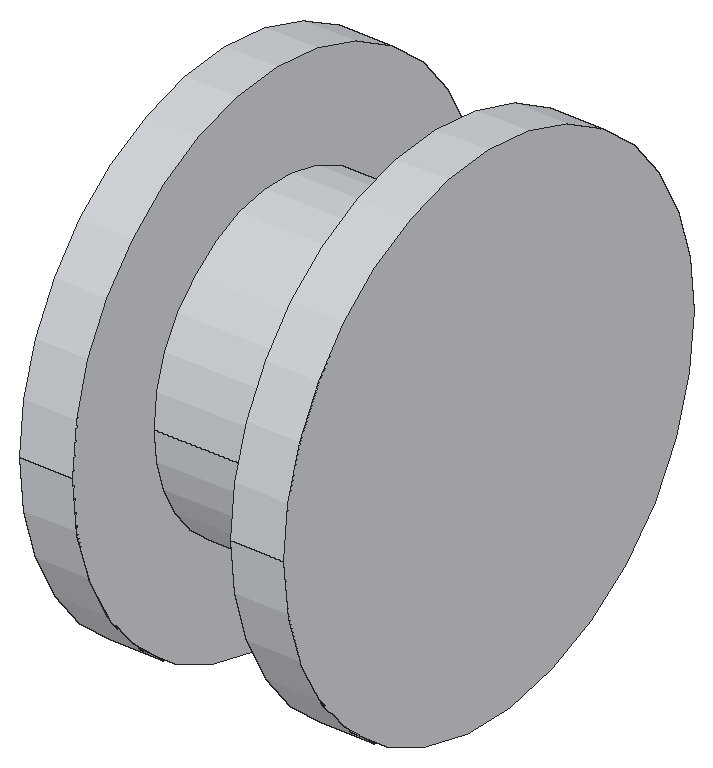
Revit family "18a4b13f9f644e1ea164928376313656", category Pipe Accessories, Revit 2021
Family settings
  Round Connector Dimension = Use Radius
  Part Type = Valve - Breaks Into
  OmniClass Number = 23.65.55.14.21
  OmniClass Title = Non-Return Valves for Liquid Services
  Seek Item ID = Check Valve - Wafer - 2-24 Inch-0000-USA-ENU
  Work Plane-Based = No
  Always vertical = Yes
  Cut with Voids When Loaded = No
  Shared = No
Parameters (values of type "2"")
  Valve Material = none
  Nominal Radius = 1"
  Nominal Diameter = Nominal Radius * 2  # 2"
  Length 1 = Body Length * tan(30.00°) / 2  # 0' - 0.61343"
  K Coefficient = 0.35
  Half Body Length = Body Length / 2  # 0' - 1 1/16"
  Default Elevation = 0' - 0"
  Body Radius = Body Diameter / 2  # 0' - 1 1/4"
  Body Length = 0' - 2 1/8"
  Body Diameter = 0' - 2 1/2"
  Adapter Length = 0.2 * Body Length  # 0' - 0.425"
  Adapter Radius = Adapter Diameter / 2  # 0' - 2 1/16"
  Adapter Diameter = 0' - 4 1/8"
Types (15): name | Nominal Radius | Nominal Diameter | Length 1 | K Coefficient | Half Body Length | Body Radius | Body Length | Body Diameter | Adapter Length | Adapter Radius | Adapter Diameter
  (no name) | 1" | 2" | 0' - 0.61343" | 0.35 | 0' - 1 1/16" | 0' - 1 1/4" | 0' - 2 1/8" | 0' - 2 1/2" | 0' - 0.425" | 0' - 2 1/16" | 0' - 4 1/8"
  2" | 1" | 2" | 0' - 0.61343" | 0.35 | 0' - 1 1/16" | 0' - 1 1/4" | 0' - 2 1/8" | 0' - 2 1/2" | 0' - 0.425" | 0' - 2 1/16" | 0' - 4 1/8"
  2 1/2" | 1 1/4" | 2 1/2" | 0' - 0.6856" | 0.32 | 0' - 1 3/16" | 0' - 1 141/256" | 0' - 2 3/8" | 0' - 3 13/128" | 0' - 0.475" | 0' - 2 7/16" | 0' - 4 7/8"
  3" | 1 1/2" | 3" | 0' - 0.75777" | 0.31 | 0' - 1 5/16" | 0' - 1 7/8" | 0' - 2 5/8" | 0' - 3 3/4" | 0' - 0.525" | 0' - 2 11/16" | 0' - 5 3/8"
  4" | 2" | 4" | 0' - 0.75777" | 0.3 | 0' - 1 5/16" | 0' - 2 5/16" | 0' - 2 5/8" | 0' - 4 5/8" | 0' - 0.525" | 0' - 3 7/16" | 0' - 6 7/8"
  5" | 2 1/2" | 5" | 0' - 0.93819" | 0.3 | 0' - 1 5/8" | 0' - 2 7/8" | 0' - 3 1/4" | 0' - 5 3/4" | 0' - 0.65" | 0' - 3 11/16" | 0' - 7 3/8"
  6" | 3" | 6" | 0' - 1.08253" | 0.28 | 0' - 1 7/8" | 0' - 3 3/8" | 0' - 3 3/4" | 0' - 6 3/4" | 0' - 0 3/4" | 0' - 4 3/8" | 0' - 8 3/4"
  8" | 4" | 8" | 0' - 1.44338" | 0.25 | 0' - 2 1/2" | 0' - 4 3/8" | 0' - 5" | 0' - 8 3/4" | 0' - 1" | 0' - 5 1/2" | 0' - 11"
  10" | 5" | 10" | 0' - 1.58771" | 0.23 | 0' - 2 3/4" | 0' - 5 7/16" | 0' - 5 1/2" | 0' - 10 7/8" | 0' - 1.1" | 0' - 6 11/16" | 1' - 1 3/8"
  12" | 6" | 12" | 0' - 2.05681" | 0.21 | 0' - 3 9/16" | 0' - 6 7/16" | 0' - 7 1/8" | 1' - 0 7/8" | 0' - 1.425" | 0' - 8 1/16" | 1' - 4 1/8"
  14" | 7" | 14" | 0' - 2.09289" | 0.21 | 0' - 3 5/8" | 0' - 7 3/8" | 0' - 7 1/4" | 1' - 2 3/4" | 0' - 1.45" | 0' - 8 7/8" | 1' - 5 3/4"
  16" | 8" | 16" | 0' - 2.16506" | 0.2 | 0' - 3 3/4" | 0' - 8 3/16" | 0' - 7 1/2" | 1' - 4 3/8" | 0' - 1 1/2" | 0' - 10 1/8" | 1' - 8 1/4"
  18" | 9" | 18" | 0' - 2.3094" | 0.2 | 0' - 4" | 0' - 9 3/16" | 0' - 8" | 1' - 6 3/8" | 0' - 1.6" | 0' - 10 13/16" | 1' - 9 5/8"
  20" | 10" | 20" | 0' - 2.41765" | 0.19 | 0' - 4 3/16" | 0' - 10 1/8" | 0' - 8 3/8" | 1' - 8 1/4" | 0' - 1.675" | 0' - 11 15/16" | 1' - 11 7/8"
  24" | 12" | 24" | 0' - 2.52591" | 0.19 | 0' - 4 3/8" | 1' - 0 1/8" | 0' - 8 3/4" | 2' - 0 1/4" | 0' - 1 3/4" | 1' - 2 1/8" | 2' - 4 1/4"
Reference planes (in)
  plane 1 "Center (Front/Back)": y = 0
  plane 2: z = 0
  plane 3 "Center (Left/Right)": x = 0
  plane 4: y = 2.0625
  plane 5: y = -2.0625
  plane 6: x = 1.0625
  plane 7: x = -1.0625
  plane 8: x = 0.6375
  plane 9: x = -0.6375
  plane 10: y = -0.61343
  plane 11: y = 0.61343
Forms (in)
  Extrusion 1, solid, material <- "Valve Material", detail levels fine
    sketch origin (0, 0, 0) x (0, 1, 0) y (0, 0, 1)
      loop
        circle (0, 0) r 2.0625
    from 0.6375 to 1.0625
  Extrusion 2, solid, material <- "Valve Material", detail levels fine
    sketch origin (0, 0, 0) x (0, 1, 0) y (0, 0, -1)
      loop
        circle (0, 0) r 2.0625
    from 0.6375 to 1.0625
  Extrusion 3, solid, material <- "Valve Material", detail levels fine
    sketch origin (1.275, 0, 0) x (0, 1, 0) y (0, 0, -1)
      loop
        circle (0, 0) r 1.25
    from 0.2125 to 2.3375
Cuts and joins
  joined: Extrusion 1, Extrusion 2, Extrusion 3
Lines and regions (in)
  model lines, detail levels coarse+medium
    curve 1: line (-1.0625, 0.61343, 0) -> (-1.0625, -0.61343, 0)
    curve 2: line (1.0625, 0.61343, 0) -> (1.0625, -0.61343, 0)
    curve 3: line (-1.0625, 0.61343, 0) -> (1.0625, 0.61343, 0)
    curve 5: line (-1.0625, 0.61343, 0) -> (-1.0625, -0.61343, 0)
  model lines
    curve 4: line (1.0625, 0.61343, 0) -> (0.6375, 0.68837, 0)
    curve 6: line (-1.0625, 0.61343, 0) -> (1.0625, -0.61343, 0)
Dimensions and locks (in)
  "Body Length": plane 7 to plane 6
  equal spacing: plane 7, plane 3 "Center (Left/Right)", plane 6
  equal spacing: plane 4, plane 1 "Center (Front/Back)", plane 5
  "Adapter Radius": plane 5 to plane 1 "Center (Front/Back)"
  "Adapter Length": plane 8 to plane 6
  "Adapter Length": plane 7 to plane 9
  equal spacing: plane 9, plane 3 "Center (Left/Right)", plane 8
  equal spacing: plane 10, plane 1 "Center (Front/Back)", plane 11
  "Length 1": plane 10 to plane 1 "Center (Front/Back)"
  "Adapter Radius": radius of Extrusion 1 sketch curve
  "Adapter Radius": radius of Extrusion 2 sketch curve
  "Body Radius": radius of Extrusion 3 sketch curve
  locked: curve 4 to curve 3 (angle 10.00°)
  aligned and locked: plane 1 "Center (Front/Back)" to Extrusion 1 sketch curve
  aligned and locked: level to Extrusion 1 sketch curve
  aligned and locked: Extrusion 1 to plane 8
  aligned and locked: plane 6 to Extrusion 1
  aligned and locked: Extrusion 2 to plane 7
  aligned and locked: plane 9 to Extrusion 2
  aligned and locked: Extrusion 3 to plane 7
  aligned and locked: plane 6 to Extrusion 3
  aligned and locked: plane 8 to curve 4
  aligned and locked: curve 5 to plane 7
  aligned and locked: plane 10 to curve 1
  aligned and locked: plane 10 to curve 5
  aligned and locked: plane 11 to curve 3
  aligned and locked: curve 2 to plane 6
  aligned and locked: plane 6 to curve 6
  aligned and locked: plane 10 to curve 6
Automatic sketch dimensions
  Extrusion 2 sketch curve to level = 0' - 0"
  Extrusion 2 sketch curve to plane 1 "Center (Front/Back)" = 0' - 0"
  Extrusion 3 sketch curve to level = 0' - 0"
  Extrusion 3 sketch curve to plane 1 "Center (Front/Back)" = 0' - 0"
Connectors (in)
  piping at (-1.0625, 0, 0), diameter 2, driven by "Nominal Radius"
    settings: on Extrusion 3, index 1, connector inside diameter 2", connector length 0' - 0", flow factor 0, pipe flow 0 GPM, pressure drop 0.00 psi, fitting loss kfactor 0, connector angle 0.00°, fixture units 0, engagement length 0' - 0", angle of deflection 0.00°, flow configuration 0, flow direction 1, fitting loss method 2, system type 29, joint type 0, gender type 0, connector reference index 2, connector utility 0, adjustable connector no, is connector primary yes, connector description "In"
  piping at (1.0625, 0, 0), diameter 2, driven by "Nominal Radius", driven by "K Coefficient"
    settings: on Extrusion 3, index 2, connector inside diameter 2", connector length 0' - 0", flow factor 0, pipe flow 0 GPM, pressure drop 0.00 psi, fitting loss kfactor 0.35, connector angle 0.00°, fixture units 0, engagement length 0' - 0", angle of deflection 0.00°, flow configuration 0, flow direction 2, fitting loss method 2, system type 29, joint type 0, gender type 0, connector reference index 1, connector utility 0, adjustable connector no, is connector primary no, connector description "Out"
